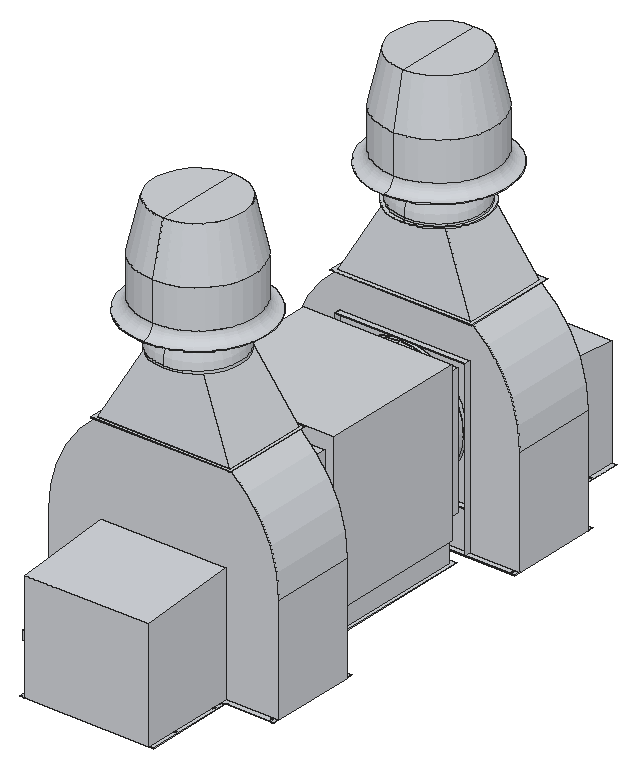
Revit family "CAVP_Opposed_with_Mixing_Box", category Mechanical Equipment, Revit 2019
Family settings
  Round Connector Dimension = Use Diameter
  Part Type = Normal
  Work Plane-Based = No
  Always vertical = Yes
  Cut with Voids When Loaded = No
  Shared = No
  Room Calculation Point = No
Parameters (values of type "490_CAVP-27L_CLASS_2_Dual_Opposed_Mixing_Box")
  Unit Weight [instance] = ""
  TRANSITION/2 = TRANSITION / 2  # 13.54551"
  TRANSITION = sqrt((NOZZLE_BOTTOM_ID * NOZZLE_BOTTOM_ID) / 2)  # 27.09103"
  Sones [instance] = ""
  RO/2 = (MB_P - 4 1/2") / 2  # 30 3/4"
  R-((B/2)+1.5") = R - ((B / 2) + 1 1/2")  # 19"
  R+((B/2)+1.5") = R + ((B / 2) + 1 1/2")  # 77"
  R*1.1 = R * 1.1  # 52.8"
  R = 48"
  Q/2 = Q / 2  # 1/2"
  Q = 1"  # constant formula
  OPP = D + D + MB_N + MB_N + MB_P - 2 1/8"  # 258 7/8"
  ModelID [instance] = ""
  MB_P-4.5" = MB_P - 4 1/2"  # 61 1/2"
  MB_P+.25" = MB_P + 1/4"  # 66 1/4"
  P = 21 7/8"
  NOZZLE_WB_RAD-2" = NOZZLE_WB_RAD - 2"  # 28 1/2"
  NOZZLE_WB_RAD = NOZZLE_WB_OD / 2  # 30 1/2"
  NOZZLE_WB_OD = if(NOZZLE_SIZE = 9", 23", if(NOZZLE_SIZE = 12", 28", if(NOZZLE_SIZE = 15", 36", if(NOZZLE_SIZE = 18", 43", if(NOZZLE_SIZE = 21", 49", if(NOZZLE_SIZE = 24", 61", if(NOZZLE_SIZE = 27", 61", if(NOZZLE_SIZE = 30", 74", if(NOZZLE_SIZE = 36", 90", if(NOZZLE_SIZE = 49", 101", 1"))))))))))  # 61"
  NOZZLE_WB/4 = NOZZLE_WB_OD / 5  # 12.2"
  NOZZLE_TOP_RAD = NOZZLE_TOP_OD / 2  # 19 27/32"
  NOZZLE_TOP_OD = if(NOZZLE_SIZE = 9", 13 1/2", if(NOZZLE_SIZE = 12", 19 1/2", if(NOZZLE_SIZE = 15", 23", if(NOZZLE_SIZE = 18", 27 1/2", if(NOZZLE_SIZE = 21", 30 3/4", if(NOZZLE_SIZE = 24", 36 1/2", if(NOZZLE_SIZE = 27", 39 11/16", if(NOZZLE_SIZE = 30", 45 1/2", if(NOZZLE_SIZE = 36", 58", if(NOZZLE_SIZE = 49", 76", 1"))))))))))  # 39 11/16"
  NOZZLE_SIZE = 27"
  NOZZLE_HEIGHT/7*2 = NOZZLE_HEIGHT / 8 * 2  # 15 5/32"
  NOZZLE_HEIGHT = if(NOZZLE_SIZE = 9", 28", if(NOZZLE_SIZE = 12", 32", if(NOZZLE_SIZE = 15", 43", if(NOZZLE_SIZE = 18", 48", if(NOZZLE_SIZE = 21", 52 3/4", if(NOZZLE_SIZE = 24", 62", if(NOZZLE_SIZE = 30", 78", if(NOZZLE_SIZE = 27", 60 5/8", if(NOZZLE_SIZE = 36", 95", if(NOZZLE_SIZE = 49", 110", 1"))))))))))  # 60 5/8"
  NOZZLE_BOTTOM_RAD-3*2 = NOZZLE_BOTTOM_RAD - 3" * 2  # 13 5/32"
  NOZZLE_BOTTOM_RAD = NOZZLE_BOTTOM_ID / 2  # 19 5/32"
  NOZZLE_BOTTOM_ID = if(NOZZLE_SIZE = 9", 12 13/16", if(NOZZLE_SIZE = 12", 17 1/16", if(NOZZLE_SIZE = 15", 21 3/8", if(NOZZLE_SIZE = 18", 25 5/8", if(NOZZLE_SIZE = 21", 28 3/4", if(NOZZLE_SIZE = 24", 34 3/4", if(NOZZLE_SIZE = 27", 38 5/16", if(NOZZLE_SIZE = 30", 42 1/2", if(NOZZLE_SIZE = 36", 51 3/4", if(NOZZLE_SIZE = 49", 69 3/8", 1"))))))))))  # 38 5/16"
  MB_N-(D-J-K-L) = MB_N - (D - J - K - L)  # 12 3/16"
  N+(H/2) = N + (H / 2)  # 49 15/32"
  N = 20 5/8"
  Motor RPM [instance] = ""
  Motor Enclosure [instance] = ""
  MB_Q = MB_P  # 66"
  MB_P = 66"
  MB_N = 13 9/16"
  MB_HEIGHT/2 = MB_HEIGHT / 2  # 35 3/8"
  MB_HEIGHT = 70 3/4"
  MB_F = 15 3/4"
  MB_A-D-MB_N-(D-J-K-L) = MB_A - D - MB_N - (D - J - K - L)  # 97"
  MB_A = 195 7/8"
  M-(2*(D-L-K-J)) = M - (2 * (D - L - K - J))  # 38 3/16"
  M = 40 15/16"
  LwA [instance] = ""
  L = 43 3/16"
  K = 25 7/8"
  J+K+L = J + K + L  # 82 9/16"
  J = 13 1/2"
  HEIGHT = R + (E * 0.4367)  # 92.95281"
  H/2 = H / 2  # 28 27/32"
  H = 57 11/16"
  Fan RPM [instance] = ""
  F/2 = F / 2  # 29 27/32"
  F-H = F - H  # 2"
  MB_F-3" = MB_F - 3"  # 12 3/4"
  F = 59 11/16"
  E/52*15 = E / 52 * 15  # 29.69351"
  E/2 = E / 2  # 51 15/32"
  E = 102 15/16"
  D-M = D - M  # 43"
  D-L-K-J = D - L - J - K  # 1 3/8"
  D = 83 15/16"
  CURB_HEIGHT [instance] = 12"
  CURB [instance] = yes
  CLASS = 2"
  C/2 = C / 2  # 61 17/32"
  C = 123 1/16"
  Bypass Damper Actuator = ""
  B/4 = B / 4  # 13 3/4"
  B/2 = B / 2  # 27 1/2"
  B = 55"
  Accessories [instance] = ""
  A/2 = A / 2  # 108 29/32"
  A = 217 13/16"
  85 = 85.00°  # constant formula
  8.1875 = 8 3/16"  # constant formula
  60 = 60.00°  # constant formula
  3" = 3"  # constant formula
  Brake Hp [instance] = ""
  4" = 4"  # constant formula
  2' = 24"
  2" = 2"  # constant formula
  135 = 135.00°  # constant formula
  10.1875 = 10 3/16"  # constant formula
  1" = 1"  # constant formula
  0 = 0"  # constant formula
  Voltage [instance] = 0 V
  URL = "www.lorencook.com"
  Type Comments = if(CLASS = 1", "Dual Vari-Plume Laboratory Exhaust Centrifugal Airfoil Class 1 Arr 10 With Opposed Mixing Box", "Dual Vari-Plume Laboratory Exhaust Centrifugal Airfoil Class 2 Arr 10 With Opposed Mixing Box")  # "Dual Vari-Plume Laboratory Exhaust Centrifugal Airfoil Class 2 Arr 10 With Opposed Mixing Box"
  Static Pressure [instance] = 0.00 in-wg
  Power [instance] = Voltage * Motor FLA * sqrt(if(Phase = 3, 3, 1))  # 0 VA
  Phase [instance] = 0
  Number of Poles [instance] = 1
  Motor Hp [instance] = "0"
  Motor FLA [instance] = 0 A
  Model = "Dual_CAVP_with_Opposes_Mixing_Box"  # constant formula
  Manufacturer = "Loren Cook Company"
  CFM [instance] = 0 CFM
  1.5 = 1 1/2"  # constant formula
  ONE EIGTH = 1/8"  # constant formula
  -MB_P-.25" = -MB_P - 1/4"  # -66 1/4"
  -(F-((F-H)/2))/2 = -(F / 2) + 2"  # -27 27/32"
  -((MB_Q / 2) + 1/8") = -((MB_Q / 2) + 1/8")  # -33 1/8"
  (NOZZLE_WB_OD - NOZZLE_TOP_OD) / 4 = (NOZZLE_WB_OD - NOZZLE_TOP_OD) / 4  # 5 21/64"
  (NOZZLE_HEIGHT - (NOZZLE_HEIGHT / 8 * 2)) / 2 = (NOZZLE_HEIGHT - (NOZZLE_HEIGHT / 8 * 2)) / 2  # 22 47/64"
  (MB_Q/2)+.125" = (MB_Q / 2) + 1/8"  # 33 1/8"
  (MB_P/2)+.125" = (MB_P / 2) + 1/8"  # 33 1/8"
  (M - (2 * (D - L - K - J)))/2 = (M - (2 * (D - L - K - J))) / 2  # 19 3/32"
  (F-((F-H)/2))/2 = (F / 2) - 2"  # 27 27/32"
  (D-J-K-L)*2 = (D - J - K - L) * 2  # 2 3/4"
  (B/2)-.125" = (B / 2) - 1/8"  # 27 3/8"
  (B/2)+1.5" = (B / 2) + 1 1/2"  # 29"
  ((M - (2 * (D - L - K - J))) / 2) + (TRANSITION / 2) = ((M - (2 * (D - L - K - J))) / 2) + (TRANSITION / 2)  # 32.63926"
Reference planes (in)
  plane 1 "Center (Front/Back)": y = 0
  plane 2: z = 0
  plane 3 "Center (Left/Right)": x = 0.40541
Forms (in)
  Extrusion 1, solid
    sketch origin (0, 0, 0) x (1, 0, 0) y (0, 0, 1)
      loop
        line (-51.06334, 0) -> (51.87416, 0) -> (51.87416, 48)
        arc (51.87416, 48) -> (46.14375, 72.97457) -> (30.09892, 92.95281) r 57.28791
        line (30.09892, 92.95281) -> (-29.2881, 92.95281)
        arc (-29.2881, 92.95281) -> (-45.33293, 72.97457) -> (-51.06334, 48) r 57.28791
        line (-51.06334, 48) -> (-51.06334, 0)
    from 0 to 38.1875 <- "M-(2*(D-L-K-J))"
  Extrusion 2, solid
    sketch origin (0.40541, 0, 0) x (0, 1, 0) y (0, 0, 1)
      loop
        line (0, 0) -> (43, 0) -> (43, 49.03799) -> (0, 52.8) -> (0, 0)
      loop
        line (-172.875, 0) -> (-172.875, 52.8) -> (-215.875, 49.03799) -> (-215.875, 0) -> (-172.875, 0)
    from -27.84375 <- "-(F-((F-H)/2))/2" to 27.84375 <- "(F-((F-H)/2))/2"
  Extrusion 3, solid
    sketch origin (0, 0, 0) x (1, 0, 0) y (0, 1, 0)
      loop
        line (-51.06334, 0) -> (-27.43834, 0) -> (-27.43834, 43) -> (-29.43834, 43) -> (-29.43834, 2.75) -> (-51.06334, 2.75) -> (-51.06334, 0)
      loop
        line (-51.06334, -38.1875) -> (-51.06334, -40.9375) -> (51.87416, -40.9375) -> (51.87416, -38.1875) -> (-51.06334, -38.1875)
      loop
        line (51.87416, 0) -> (51.87416, 2.75) -> (30.24916, 2.75) -> (30.24916, 43) -> (28.24916, 43) -> (28.24916, 0) -> (51.87416, 0)
    from 0 to 0.125
  Blend 4, solid
    base sketch origin (0, 0, 0) x (1, 0, 0) y (0, 1, 0)
      loop
        line (-29.2881, 0) -> (-29.2881, -38.1875) -> (30.09892, -38.1875) -> (30.09892, 0) -> (-29.2881, 0)
    top sketch origin (0, 0, 0) x (1, 0, 0) y (0, 1, 0)
      loop
        line (-13.1401, -5.54824) -> (-13.1401, -32.63926) -> (13.95093, -32.63926) -> (13.95093, -5.54824) -> (-13.1401, -5.54824)
    from 92.95281 <- "HEIGHT" to 123.0625 <- "C"
  Revolve 5, void
    sketch origin (0.40541, 0, 0) x (0, 1, 0) y (0, 0, 1)
      loop
        line (-38.1875, 75.5) -> (-38.1875, 48) -> (-24.4375, 48) -> (-24.4375, 67.56143) -> (-38.1875, 75.5)
      axis (-38.1875, 48) -> (-24.4375, 48)
    angle from 0 to 360
  Revolve 6, solid
    sketch origin (0.40541, 0, 0) x (0, 1, 0) y (0, 0, 1)
      loop
        line (-19.09375, 123.0625) -> (1.5625, 123.0625) -> (1.5625, 123.1875) -> (0.0625, 123.1875) -> (0.0625, 124.0625)
        arc (0.0625, 124.0625) -> (-1.77051, 131.94902) -> (-6.89375, 138.21875) r 17.8824
        line (-6.89375, 138.21875) -> (11.40625, 138.21875) -> (0.75, 183.6875) -> (-19.09375, 183.6875) -> (-19.09375, 123.0625)
      axis (-19.09375, 183.6875) -> (-19.09375, 123.0625)
    angle from 0 to 360
  Revolve 7, void
    sketch origin (0.40541, 0, 0) x (0, 1, 0) y (0, 0, 1)
      loop
        line (16.73437, 160.95313) -> (6.07812, 160.95313) -> (6.07812, 143.67188)
        arc (6.07812, 143.67188) -> (11.40625, 138.34375) -> (16.73437, 143.67188) r 5.32813
        line (16.73437, 143.67188) -> (16.73437, 160.95313)
      axis (-19.09375, 143.67188) -> (-19.09375, 160.95313)
    angle from 0 to 360
  Extrusion 8, solid
    sketch origin (-27.43834, 0, 0) x (0, -1, 0) y (0, 0, 1)
      loop
        line (-39, 20) -> (-35, 20) -> (-35, 24) -> (-39, 24) -> (-39, 20)
      loop
        line (207.875, 24) -> (207.875, 20) -> (211.875, 20) -> (211.875, 24) -> (207.875, 24)
    from 0 to 4
  Extrusion 9, solid
    sketch origin (30.09892, 0, 92.95281) x (-1, 0, 0) y (0, -1, 0)
      loop
        line (59.38702, 0) -> (59.38702, 38.1875) -> (0, 38.1875) -> (0, 0) -> (59.38702, 0)
      loop
        line (61.38702, -2) -> (61.38702, 40.1875) -> (-2, 40.1875) -> (-2, -2) -> (61.38702, -2)
    from 0 to 0.125
  Extrusion 10, solid
    sketch origin (0, -38.1875, 0) x (1, 0, 0) y (0, 0, 1)
      loop
        circle (0.40541, 48) r 27.5
      loop
        circle (0.40541, 48) r 27.375
    from 0 to 2
  Extrusion 11, solid
    sketch origin (0, -38.1875, 0) x (1, 0, 0) y (0, 0, 1)
      loop
        line (-28.59459, 77) -> (-28.59459, 19) -> (29.40541, 19) -> (29.40541, 77) -> (-28.59459, 77)
      loop
        line (-28.71959, 0.125) -> (-28.59459, 0.125) -> (-28.59459, 18.875) -> (29.40541, 18.875) -> (29.40541, 0.125) -> (29.53041, 0.125) -> (29.53041, 77.125) -> (-28.71959, 77.125) -> (-28.71959, 0.125)
    from 0 to 2.75 <- "(D-J-K-L)*2"
  Extrusion 12, void
    sketch origin (0, 0, 0) x (1, 0, 0) y (0, 1, 0)
      loop
        circle (-28.43834, -39.5625) r 0.5
      loop
        circle (-49.06334, -39.5625) r 0.5
      loop
        circle (-49.06334, 1.375) r 0.5
      loop
        circle (-28.43834, 29.5) r 0.5
      loop
        circle (-28.43834, 7.625) r 0.5
      loop
        circle (-28.43834, 3.625) r 0.5
      loop
        circle (29.24916, -39.5625) r 0.5
      loop
        circle (49.87416, -39.5625) r 0.5
      loop
        circle (49.87416, 1.375) r 0.5
      loop
        circle (29.24916, 29.5) r 0.5
      loop
        circle (29.24916, 7.625) r 0.5
      loop
        circle (29.24916, 3.625) r 0.5
    from 0 to 2
  Extrusion 13, solid
    sketch origin (0.40541, 0, 0) x (0, 1, 0) y (0, 0, 1)
      loop
        line (-119.375, 83.5) -> (-119.375, 12.75) -> (-53.125, 12.75) -> (-53.125, 83.5) -> (-119.375, 83.5)
    from 33.125 <- "(MB_Q/2)+.125"" to -33.125 <- "-((MB_Q / 2) + 1/8")"
  Extrusion 14, void
    sketch origin (0, 0, 0) x (1, 0, 0) y (0, 1, 0)
      loop
        line (-32.59459, -53.25) -> (-32.59459, -119.25) -> (33.40541, -119.25) -> (33.40541, -53.25) -> (-32.59459, -53.25)
    from 15.75 <- "MB_F" to 12.75 <- "MB_F-3""
  Extrusion 15, solid
    sketch origin (0.40541, -53.125, 83.5) x (0, 0, -1) y (-1, 0, 0)
      loop
        line (6.375, 29.125) -> (6.375, -29.125) -> (64.5, -29.125) -> (64.5, 29.125) -> (6.375, 29.125)
    from 0 to 8.1875 <- "8.1875"
  Revolve 16, solid
    sketch origin (0.40541, 0, 0) x (0, 1, 0) y (0, 0, 1)
      loop
        line (-40.1875, 75.5) -> (-44.9375, 75.5) -> (-44.9375, 48) -> (-40.1875, 48) -> (-40.1875, 75.5)
      axis (-40.1875, 48) -> (-44.9375, 48)
    angle from 0 to 360
  Extrusion 17, solid
    sketch origin (0.40541, -172.875, 52.8) x (0, 0, -1) y (-1, 0, 0)
      loop
        line (4.8, -51.46875) -> (52.8, -51.46875) -> (52.8, 51.46875) -> (4.8, 51.46875)
        arc (4.8, 51.46875) -> (-20.17457, 45.73834) -> (-40.15281, 29.69351) r 57.28791
        line (-40.15281, 29.69351) -> (-40.15281, -29.69351)
        arc (-40.15281, -29.69351) -> (-20.17457, -45.73834) -> (4.8, -51.46875) r 57.28791
    from 0 to 38.1875 <- "M-(2*(D-L-K-J))"
  Blend 18, solid
    base sketch origin (0, 0, 0) x (1, 0, 0) y (0, 1, 0)
      loop
        line (-29.2881, -134.6875) -> (-29.2881, -172.875) -> (30.09892, -172.875) -> (30.09892, -134.6875) -> (-29.2881, -134.6875)
    top sketch origin (0, 0, 0) x (1, 0, 0) y (0, 1, 0)
      loop
        line (-13.1401, -140.23574) -> (-13.1401, -167.32676) -> (13.95093, -167.32676) -> (13.95093, -140.23574) -> (-13.1401, -140.23574)
    from 92.95281 <- "HEIGHT" to 123.0625 <- "C"
  Revolve 19, solid
    sketch origin (0.40541, 0, 0) x (0, 1, 0) y (0, 0, 1)
      loop
        line (-153.78125, 123.0625) -> (-153.78125, 183.6875) -> (-173.625, 183.6875) -> (-184.28125, 138.21875) -> (-165.98125, 138.21875)
        arc (-165.98125, 138.21875) -> (-171.10449, 131.94902) -> (-172.9375, 124.0625) r 17.8824
        line (-172.9375, 124.0625) -> (-172.9375, 123.0625) -> (-153.78125, 123.0625)
      axis (-153.78125, 183.6875) -> (-153.78125, 123.0625)
    angle from 0 to 360
  Revolve 20, void
    sketch origin (0.40541, 0, 0) x (0, 1, 0) y (0, 0, 1)
      loop
        line (-178.95313, 160.95313) -> (-189.60938, 160.95313) -> (-189.60938, 143.67188)
        arc (-189.60938, 143.67188) -> (-184.28125, 138.34375) -> (-178.95313, 143.67188) r 5.32813
        line (-178.95313, 143.67188) -> (-178.95313, 160.95313)
      axis (-153.78125, 143.67187) -> (-153.78125, 160.95313)
    angle from 0 to 360
  Extrusion 21, solid
    sketch origin (-29.2881, -172.875, 92.95281) x (1, 0, 0) y (0, 1, 0)
      loop
        line (-1.5, 39.6875) -> (-1.5, -1.5) -> (60.88702, -1.5) -> (60.88702, 39.6875) -> (-1.5, 39.6875)
      loop
        line (59.38702, 0) -> (59.38702, 38.1875) -> (0, 38.1875) -> (0, 0) -> (59.38702, 0)
    from 0 to 0.125
  Extrusion 22, solid
    sketch origin (0, 0, 0) x (1, 0, 0) y (0, 1, 0)
      loop
        line (-51.06334, -134.6875) -> (51.87416, -134.6875) -> (51.87416, -131.9375) -> (-51.06334, -131.9375) -> (-51.06334, -134.6875)
      loop
        line (-51.06334, -172.875) -> (-51.06334, -175.625) -> (-29.43834, -175.625) -> (-29.43834, -215.875) -> (-27.43834, -215.875) -> (-27.43834, -172.875) -> (-51.06334, -172.875)
      loop
        line (51.87416, -172.875) -> (28.24916, -172.875) -> (28.24916, -215.875) -> (30.24916, -215.875) -> (30.24916, -175.625) -> (51.87416, -175.625) -> (51.87416, -172.875)
    from 0 to 0.125
  Extrusion 23, void
    sketch origin (0, 0, 0) x (1, 0, 0) y (0, 1, 0)
      loop
        circle (49.87416, -133.3125) r 0.5
      loop
        circle (29.24916, -133.3125) r 0.5
      loop
        circle (49.87416, -174.25) r 0.5
      loop
        circle (29.24916, -176.5) r 0.5
      loop
        circle (29.24916, -180.5) r 0.5
      loop
        circle (29.24916, -202.375) r 0.5
      loop
        circle (-49.06334, -174.25) r 0.5
      loop
        circle (-28.43834, -176.5) r 0.5
      loop
        circle (-28.43834, -180.5) r 0.5
      loop
        circle (-28.43834, -202.375) r 0.5
      loop
        circle (-49.06334, -133.3125) r 0.5
      loop
        circle (-28.43834, -133.3125) r 0.5
    from 0 to 0.125
  Extrusion 24, solid
    sketch origin (0.40541, -119.375, 12.75) x (0, 0, 1) y (-1, 0, 0)
      loop
        line (64.375, 29.125) -> (3, 29.125) -> (3, -29.125) -> (64.375, -29.125) -> (64.375, 29.125)
    from 0 to 8.1875 <- "8.1875"
  Revolve 25, solid
    sketch origin (0.40541, 0, 0) x (0, 1, 0) y (0, 0, 1)
      loop
        line (-127.5625, 75.5) -> (-134.6875, 75.5) -> (-134.6875, 48) -> (-127.5625, 48) -> (-127.5625, 75.5)
      axis (-134.6875, 48) -> (-127.5625, 48)
    angle from 0 to 360
  Extrusion 26, solid
    sketch origin (0.40541, -134.6875, 52.8) x (0, 0, -1) y (-1, 0, 0)
      loop
        line (-24.075, 29) -> (-24.075, -29) -> (33.8, -29) -> (33.8, 29) -> (-24.075, 29)
      loop
        line (-24.2, 29.125) -> (-24.2, -29.125) -> (52.675, -29.125) -> (52.675, -29) -> (33.925, -29) -> (33.925, 29) -> (52.675, 29) -> (52.675, 29.125) -> (-24.2, 29.125)
    from 0 to 2.75 <- "(D-J-K-L)*2"
  Extrusion 27, solid
    sketch origin (0.40541, -119.375, 12.75) x (0, 0, 1) y (-1, 0, 0)
      loop
        line (62.125, 37.125) -> (35.375, 63.875) -> (8.625, 37.125) -> (8.625, 33.125) -> (62.125, 33.125) -> (62.125, 37.125)
    from 0 to -66.25 <- "-MB_P-.25""
  Extrusion 28, solid, visible <- "CURB"
    sketch origin (0, 0, 15.75) x (0, 1, 0) y (1, 0, 0)
      loop
        line (-55.5, -30.34459) -> (-55.5, 31.15541) -> (-117, 31.15541) -> (-117, -30.34459) -> (-55.5, -30.34459)
      loop
        line (-118.5, 32.65541) -> (-118.5, -31.84459) -> (-54, -31.84459) -> (-54, 32.65541) -> (-118.5, 32.65541)
    from 0 to 12 <- "CURB_HEIGHT"
  Extrusion 29, solid, visible <- "CURB"
    sketch origin (0, 0, 3.75) x (-1, 0, 0) y (0, 1, 0)
      loop
        line (-32.65541, -54) -> (-32.65541, -118.5) -> (31.84459, -118.5) -> (31.84459, -54) -> (-32.65541, -54)
      loop
        line (33.84459, -120.5) -> (33.84459, -52) -> (-34.65541, -52) -> (-34.65541, -120.5) -> (33.84459, -120.5)
    from 0 to -0.125
Cuts and joins
  Revolve 5, Extrusion 12 cuts Extrusion 1
  Revolve 7 cuts Revolve 6
  Extrusion 12 cuts Extrusion 3
  Extrusion 14 cuts Extrusion 13
  Revolve 20 cuts Revolve 19
  Extrusion 23 cuts Extrusion 2
  Extrusion 23 cuts Extrusion 17
  Extrusion 23 cuts Extrusion 22
Dimensions and locks (in)
  "0": Extrusion 1 sketch curve to level
  "E/2": plane 3 "Center (Left/Right)" to Extrusion 1 sketch curve
  "E/2": Extrusion 1 sketch curve to plane 3 "Center (Left/Right)"
  "HEIGHT": Extrusion 1 sketch curve to level
  "E/52*15": plane 3 "Center (Left/Right)" to Extrusion 1 sketch curve
  "E/52*15": Extrusion 1 sketch curve to plane 3 "Center (Left/Right)"
  "R": Extrusion 1 sketch curve to level  (x2)
  "R*1.1": Extrusion 2 sketch curve to level  (x2)
  "0": Extrusion 2 sketch curve to level  (x2)
  "D-M": Extrusion 2 sketch curve to Extrusion 1
  "0": Extrusion 2 sketch curve to Extrusion 1
  "0": Extrusion 3 sketch curve to Extrusion 2  (x4)
  "0": Extrusion 3 sketch curve to Extrusion 1  (x6)
  "0": Extrusion 1 to Extrusion 3 sketch curve
  "D": Extrusion 2 to Extrusion 3 sketch curve
  "F/2": plane 3 "Center (Left/Right)" to Extrusion 3 sketch curve
  "F/2": Extrusion 3 sketch curve to plane 3 "Center (Left/Right)"
  "(D-J-K-L)*2": Extrusion 3 sketch curve to Extrusion 1  (x2)
  "0": Extrusion 1 to Blend 4 sketch curve
  "0": Blend 4 sketch curve to Extrusion 1  (x3)
  "R": level to Revolve 5 sketch curve
  "R": Revolve 5 sketch curve to level
  "B/2": Revolve 5 sketch curve to Revolve 5 sketch curve
  "B/4": Extrusion 1 to Revolve 5 sketch curve
  "0": Revolve 5 sketch curve to Extrusion 1
  "(M - (2 * (D - L - K - J)))/2": Revolve 6 sketch curve to cut or joined group of Extrusion 1, Revolve 5, Extrusion 12  (x2)
  "NOZZLE_BOTTOM_RAD": Revolve 6 sketch curve to Revolve 6 sketch curve
  "NOZZLE_WB_RAD": Revolve 6 sketch curve to Revolve 6 sketch curve
  "NOZZLE_TOP_RAD": Revolve 6 sketch curve to Revolve 6 sketch curve
  "NOZZLE_HEIGHT": Revolve 6 sketch curve to Blend 4
  "NOZZLE_HEIGHT/7*2": Revolve 6 sketch curve to Blend 4
  "ONE EIGTH": Revolve 6 sketch curve to Revolve 6 sketch curve
  "1.5": Revolve 6 sketch curve to Revolve 6 sketch curve
  "0": Revolve 6 sketch curve to Blend 4
  "1"": Revolve 6 sketch curve to Blend 4
  "NOZZLE_WB/4": Revolve 6 sketch curve to Revolve 6 sketch curve
  "ONE EIGTH": Revolve 7 sketch curve to Revolve 6
  "(NOZZLE_WB_OD - NOZZLE_TOP_OD) / 4": Revolve 6 to Revolve 7 sketch curve
  "(NOZZLE_WB_OD - NOZZLE_TOP_OD) / 4": Revolve 7 sketch curve to Revolve 6
  "(NOZZLE_HEIGHT - (NOZZLE_HEIGHT / 8 * 2)) / 2": Revolve 7 sketch curve to Revolve 6
  "(M - (2 * (D - L - K - J)))/2": Revolve 7 sketch curve to cut or joined group of Extrusion 1, Revolve 5, Extrusion 12
  "4"": Extrusion 8 sketch curve to Extrusion 8 sketch curve  (x4)
  "4"": Extrusion 2 to Extrusion 8 sketch curve
  "2'": Extrusion 8 sketch curve to level
  "0": cut or joined group of Extrusion 1, Revolve 5, Extrusion 12 to Extrusion 9 sketch curve  (x2)
  "0": Extrusion 9 sketch curve to cut or joined group of Extrusion 1, Revolve 5, Extrusion 12  (x2)
  "2"": cut or joined group of Extrusion 1, Revolve 5, Extrusion 12 to Extrusion 9 sketch curve  (x2)
  "2"": Extrusion 9 sketch curve to cut or joined group of Extrusion 1, Revolve 5, Extrusion 12  (x2)
  "0": Extrusion 10 sketch curve to plane 3 "Center (Left/Right)"  (x2)
  "R": Extrusion 10 sketch curve to level  (x2)
  "(B/2)+1.5"": plane 3 "Center (Left/Right)" to Extrusion 11 sketch curve  (x3)
  "(B/2)+1.5"": Extrusion 11 sketch curve to plane 3 "Center (Left/Right)"
  "R+((B/2)+1.5")": Extrusion 11 sketch curve to level
  "R-((B/2)+1.5")": Extrusion 11 sketch curve to level
  "0": Extrusion 11 sketch curve to Extrusion 3
  "ONE EIGTH": Extrusion 11 sketch curve to Extrusion 11 sketch curve  (x4)
  "0": Extrusion 3 to Extrusion 11 sketch curve
  "J": Extrusion 2 to Extrusion 12 sketch curve  (x2)
  "H/2": Extrusion 12 sketch curve to plane 3 "Center (Left/Right)"  (x8)
  "P": Extrusion 12 sketch curve to Extrusion 12 sketch curve  (x2)
  "K": Extrusion 12 sketch curve to Extrusion 12 sketch curve  (x2)
  "L": Extrusion 12 sketch curve to Extrusion 12 sketch curve  (x2)
  "N+(H/2)": Extrusion 12 sketch curve to plane 3 "Center (Left/Right)"  (x4)
  "M": Extrusion 12 sketch curve to Extrusion 12 sketch curve  (x2)
  "J+K+L": Extrusion 2 to Extrusion 12 sketch curve  (x2)
  "MB_N-(D-J-K-L)": Extrusion 13 sketch curve to Extrusion 11
  "MB_P+.25"": Extrusion 13 sketch curve to Extrusion 13 sketch curve
  "MB_F-3"": Extrusion 13 sketch curve to level
  "MB_HEIGHT": Extrusion 13 sketch curve to Extrusion 13 sketch curve
  "ONE EIGTH": Extrusion 13 to Extrusion 14 sketch curve
  "ONE EIGTH": Extrusion 14 sketch curve to Extrusion 13  (x3)
  "0": Extrusion 15 sketch curve to Extrusion 11  (x4)
  "0": Revolve 16 sketch curve to Revolve 16 sketch curve
  "0": Revolve 16 sketch curve to Extrusion 15
  "0": Revolve 16 sketch curve to Extrusion 10
  "B/2": Revolve 16 sketch curve to Revolve 16 sketch curve
  "R": Revolve 16 sketch curve to level
  "OPP": Extrusion 2 sketch curve to Extrusion 2 sketch curve
  "D-M": Extrusion 2 sketch curve to Extrusion 2 sketch curve
  "0": cut or joined group of Extrusion 1, Revolve 5, Extrusion 12 to Extrusion 17 sketch curve  (x2)
  "0": level to Extrusion 17 sketch curve
  "R": level to Extrusion 17 sketch curve  (x2)
  "0": Extrusion 17 sketch curve to Extrusion 9
  "E/52*15": plane 3 "Center (Left/Right)" to Extrusion 17 sketch curve
  "E/52*15": Extrusion 17 sketch curve to plane 3 "Center (Left/Right)"
  "0": Extrusion 17 to Blend 18 sketch curve
  "0": Blend 18 sketch curve to Extrusion 17  (x3)
  "0": Revolve 19 sketch curve to cut or joined group of Revolve 6, Revolve 7  (x2)
  "0": Revolve 19 sketch curve to Blend 18
  "1"": Revolve 19 sketch curve to Blend 18
  "NOZZLE_WB_RAD": Revolve 19 sketch curve to Revolve 19 sketch curve
  "NOZZLE_TOP_RAD": Revolve 19 sketch curve to Revolve 19 sketch curve
  "NOZZLE_BOTTOM_RAD": Revolve 19 sketch curve to Revolve 19 sketch curve
  "(M - (2 * (D - L - K - J)))/2": Revolve 19 sketch curve to Extrusion 17  (x2)
  "NOZZLE_WB/4": Revolve 19 sketch curve to Revolve 19 sketch curve
  "(NOZZLE_WB_OD - NOZZLE_TOP_OD) / 4": Revolve 19 to Revolve 20 sketch curve
  "(NOZZLE_WB_OD - NOZZLE_TOP_OD) / 4": Revolve 20 sketch curve to Revolve 19
  "(NOZZLE_HEIGHT - (NOZZLE_HEIGHT / 8 * 2)) / 2": Revolve 19 to Revolve 20 sketch curve
  "ONE EIGTH": Revolve 19 to Revolve 20 sketch curve
  "(M - (2 * (D - L - K - J)))/2": Revolve 20 sketch curve to Extrusion 17
  "0": Extrusion 21 sketch curve to Extrusion 17  (x2)
  "0": Extrusion 17 to Extrusion 21 sketch curve  (x2)
  "1.5": Extrusion 17 to Extrusion 21 sketch curve
  "1.5": Extrusion 21 sketch curve to Extrusion 17  (x3)
  "D": Extrusion 2 to Extrusion 22 sketch curve
  "0": Extrusion 22 sketch curve to Extrusion 17  (x4)
  "0": Extrusion 17 to Extrusion 22 sketch curve  (x3)
  "0": Extrusion 22 sketch curve to Extrusion 2  (x3)
  "F/2": plane 3 "Center (Left/Right)" to Extrusion 22 sketch curve
  "F/2": Extrusion 22 sketch curve to plane 3 "Center (Left/Right)"
  "(D-J-K-L)*2": Extrusion 22 sketch curve to Extrusion 17  (x2)
  "0": Extrusion 2 to Extrusion 22 sketch curve
  "H/2": plane 3 "Center (Left/Right)" to Extrusion 23 sketch curve  (x4)
  "J": cut or joined group of Extrusion 2, Extrusion 23 to Extrusion 23 sketch curve  (x2)
  "P": Extrusion 23 sketch curve to Extrusion 23 sketch curve  (x2)
  "K": Extrusion 23 sketch curve to Extrusion 23 sketch curve  (x2)
  "N+(H/2)": plane 3 "Center (Left/Right)" to Extrusion 23 sketch curve  (x2)
  "J+K+L": cut or joined group of Extrusion 2, Extrusion 23 to Extrusion 23 sketch curve  (x4)
  "M": Extrusion 23 sketch curve to Extrusion 23 sketch curve  (x2)
  "H/2": Extrusion 23 sketch curve to plane 3 "Center (Left/Right)"  (x4)
  "N+(H/2)": Extrusion 23 sketch curve to plane 3 "Center (Left/Right)"  (x2)
  "4"": Extrusion 8 sketch curve to cut or joined group of Extrusion 2, Extrusion 23
  "2'": cut or joined group of Extrusion 17, Extrusion 23 to Extrusion 8 sketch curve
  "0": Extrusion 15 to Extrusion 24 sketch curve  (x2)
  "0": Extrusion 24 sketch curve to Extrusion 15
  "0": Extrusion 24 sketch curve to cut or joined group of Extrusion 13, Extrusion 14
  "R": Revolve 25 sketch curve to level  (x2)
  "0": Revolve 25 sketch curve to cut or joined group of Extrusion 17, Extrusion 23
  "0": Revolve 25 sketch curve to Extrusion 24
  "B/2": Revolve 25 sketch curve to Revolve 25 sketch curve
  "(B/2)+1.5"": plane 3 "Center (Left/Right)" to Extrusion 26 sketch curve
  "(B/2)+1.5"": Extrusion 26 sketch curve to plane 3 "Center (Left/Right)"
  "R-((B/2)+1.5")": Extrusion 26 sketch curve to cut or joined group of Extrusion 22, Extrusion 23
  "R+((B/2)+1.5")": Extrusion 26 sketch curve to cut or joined group of Extrusion 2, Extrusion 23
  "0": Extrusion 26 sketch curve to Extrusion 26 sketch curve  (x2)
  "ONE EIGTH": Extrusion 26 sketch curve to cut or joined group of Extrusion 2, Extrusion 23  (x2)
  "ONE EIGTH": Extrusion 26 sketch curve to Extrusion 26 sketch curve  (x4)
  "4"": Extrusion 27 sketch curve to cut or joined group of Extrusion 13, Extrusion 14  (x2)
  "0": Extrusion 27 sketch curve to cut or joined group of Extrusion 13, Extrusion 14
  "MB_A-D-MB_N-(D-J-K-L)": cut or joined group of Extrusion 13, Extrusion 14 to Extrusion 27 sketch curve
  "MB_HEIGHT/2": Extrusion 27 sketch curve to cut or joined group of Extrusion 13, Extrusion 14
  "1.5": Extrusion 28 sketch curve to Extrusion 28 sketch curve  (x4)
  "RO/2": connector elem to Extrusion 28 sketch curve  (x2)
  "RO/2": plane 3 "Center (Left/Right)" to Extrusion 28 sketch curve
  "RO/2": Extrusion 28 sketch curve to plane 3 "Center (Left/Right)"
  "2"": Extrusion 29 sketch curve to Extrusion 29 sketch curve  (x4)
  "0": Extrusion 28 to Extrusion 29 sketch curve
  "0": Extrusion 29 sketch curve to Extrusion 28  (x3)
  "TRANSITION": Blend 18 sketch curve to Blend 18 sketch curve  (x2)
  "TRANSITION/2": plane 3 "Center (Left/Right)" to Blend 18 sketch curve
  "((M - (2 * (D - L - K - J))) / 2) + (TRANSITION / 2)": cut or joined group of Extrusion 17, Extrusion 23 to Blend 18 sketch curve
  "TRANSITION": Blend 4 sketch curve to Blend 4 sketch curve  (x2)
  "TRANSITION/2": plane 3 "Center (Left/Right)" to Blend 4 sketch curve
  "((M - (2 * (D - L - K - J))) / 2) + (TRANSITION / 2)": cut or joined group of Extrusion 1, Revolve 5, Extrusion 12 to Blend 4 sketch curve
  "B/2": radius of Extrusion 10 sketch curve
  "(B/2)-.125"": radius of Extrusion 10 sketch curve
  "Q/2": radius of Extrusion 12 sketch curve  (x12)
  "Q/2": radius of Extrusion 23 sketch curve  (x12)
  "85": angle Extrusion 2 sketch curve to Extrusion 1
  "60": angle Extrusion 1 to Revolve 5 sketch curve
  "85": angle Extrusion 2 sketch curve to Extrusion 2 sketch curve
  "135": angle Extrusion 27 sketch curve to Extrusion 27 sketch curve  (x2)
Automatic sketch dimensions
  Revolve 5 sketch curve to Revolve 5 sketch curve = 0"
  plane 1 "Center (Front/Back)" to Revolve 5 sketch curve = 13.92544"
  Revolve 6 sketch curve to Revolve 6 sketch curve = 60"
  Revolve 6 sketch curve to Revolve 6 sketch curve = 18"
  Revolve 7 sketch curve to Revolve 7 sketch curve = 24.49886"
  Revolve 7 sketch curve to Revolve 7 sketch curve = 12"
  Revolve 16 sketch curve to Revolve 16 sketch curve = 16.21791"
  Revolve 16 sketch curve to Revolve 16 sketch curve = 16"
  Revolve 19 sketch curve to Revolve 19 sketch curve = 61"
  Revolve 19 sketch curve to Revolve 19 sketch curve = 13"
  Revolve 20 sketch curve to Revolve 20 sketch curve = 30.90683"
  Revolve 20 sketch curve to Revolve 20 sketch curve = 19"
  Revolve 25 sketch curve to Revolve 25 sketch curve = 0"
  Revolve 25 sketch curve to Revolve 25 sketch curve = 23"
Connectors (in)
  electrical at (-29.43834, 37, 20)
    settings: on Extrusion 8, index 1, voltage 0 V, apparent load 0 VA, apparent load phase1 0 VA, apparent load phase2 0 VA, apparent load phase3 0 VA, power factor 1, load classification "Other", number of poles 1, system type 30, power factor state 1, is connector primary yes, connector utility no, sub classification motor no, connector description ""
  hvac at (0.40541, -86.25, 15.75), driven by "MB_P-4.5"", driven by "MB_P-4.5"", driven by "CFM"
    settings: on cut or joined group of Extrusion 13, Extrusion 14, index 2, duct flow 0 CFM, flow factor 0, pres drop 0.00 in-wg, loss coef 0, conn angle 0.00°, conn width 61 1/2", conn height 61 1/2", conn diameter 24", duct sys type 3, conn prof type 1, flow config 0, flow direction 1, loss method 0, conn ref index -1, conn util no, is conn primary yes, conn desc ""
  electrical at (-29.43834, -209.875, 20)
    settings: on Extrusion 8, index 3, voltage 0 V, apparent load 0 VA, apparent load phase1 0 VA, apparent load phase2 0 VA, apparent load phase3 0 VA, power factor 1, load classification "Other", number of poles 1, system type 30, power factor state 1, is connector primary no, connector utility no, sub classification motor no, connector description ""
  electrical at (-34.71959, -86.25, 21.375), driven by "Bypass Damper Actuator"
    settings: on Extrusion 27, index 4, voltage 0 V, apparent load 0 VA, apparent load phase1 0 VA, apparent load phase2 0 VA, apparent load phase3 0 VA, power factor 1, load classification "Other", number of poles 1, system type 13, power factor state 1, is connector primary no, connector utility no, sub classification motor no, connector description ""
Types (228): name | TRANSITION/2 | TRANSITION | RO/2 | R-((B/2)+1.5") | R+((B/2)+1.5") | R*1.1 | R | OPP | MB_P-4.5" | MB_P+.25" | P | NOZZLE_WB_RAD-2" | NOZZLE_WB_RAD | NOZZLE_WB_OD | NOZZLE_WB/4 | NOZZLE_TOP_RAD | NOZZLE_TOP_OD | NOZZLE_SIZE | NOZZLE_HEIGHT/7*2 | NOZZLE_HEIGHT | NOZZLE_BOTTOM_RAD-3*2 | NOZZLE_BOTTOM_RAD | NOZZLE_BOTTOM_ID | MB_N-(D-J-K-L) | N+(H/2) | N | MB_Q | MB_P | MB_N | MB_HEIGHT/2 | MB_HEIGHT | MB_F | MB_A-D-MB_N-(D-J-K-L) | MB_A | M-(2*(D-L-K-J)) | M | L | K | J+K+L | J | HEIGHT | H/2 | H | F/2 | MB_F-3" | F | E/52*15 | E/2 | E | D-M | D-L-K-J | D | CURB_HEIGHT | CLASS | C/2 | C | B/4 | B/2 | B | A/2 | A | Type Comments | -MB_P-.25" | -(F-((F-H)/2))/2 | -((MB_Q / 2) + 1/8") | (NOZZLE_WB_OD - NOZZLE_TOP_OD) / 4 | (NOZZLE_HEIGHT - (NOZZLE_HEIGHT / 8 * 2)) / 2 | (MB_Q/2)+.125" | (MB_P/2)+.125" | (M - (2 * (D - L - K - J)))/2 | (F-((F-H)/2))/2 | (D-J-K-L)*2 | (B/2)-.125" | (B/2)+1.5" | ((M - (2 * (D - L - K - J))) / 2) + (TRANSITION / 2)
  (no name) | 13.54551" | 27.09103" | 30 3/4" | 19" | 77" | 52.8" | 48" | 258 7/8" | 61 1/2" | 66 1/4" | 21 7/8" | 28 1/2" | 30 1/2" | 61" | 12.2" | 19 27/32" | 39 11/16" | 27" | 15 5/32" | 60 5/8" | 13 5/32" | 19 5/32" | 38 5/16" | 12 3/16" | 49 15/32" | 20 5/8" | 66" | 66" | 13 9/16" | 35 3/8" | 70 3/4" | 15 3/4" | 97" | 195 7/8" | 38 3/16" | 40 15/16" | 43 3/16" | 25 7/8" | 82 9/16" | 13 1/2" | 92.95281" | 28 27/32" | 57 11/16" | 29 27/32" | 12 3/4" | 59 11/16" | 29.69351" | 51 15/32" | 102 15/16" | 43" | 1 3/8" | 83 15/16" | 12" | 2" | 61 17/32" | 123 1/16" | 13 3/4" | 27 1/2" | 55" | 108 29/32" | 217 13/16" | "Dual Vari-Plume Laboratory Exhaust Centrifugal Airfoil Class 2 Arr 10 With Opposed Mixing Box" | -66 1/4" | -27 27/32" | -33 1/8" | 5 21/64" | 22 47/64" | 33 1/8" | 33 1/8" | 19 3/32" | 27 27/32" | 2 3/4" | 27 3/8" | 29" | 32.63926"
  120_CAVP-9L_CLASS_1_Dual_Opposed_Mixing_Box | 4.5299" | 9.05981" | 11 1/4" | 12 7/16" | 31 9/16" | 24.2" | 22" | 118 7/8" | 22 1/2" | 27 1/4" | 60" | 9 1/2" | 11 1/2" | 23" | 4.6" | 6 3/4" | 13 1/2" | 9" | 7" | 28" | 13/32" | 6 13/32" | 12 13/16" | 13 5/32" | 69 3/4" | 60" | 27" | 27" | 14 3/16" | 16" | 32" | 9 1/8" | 41 21/32" | 89 11/16" | 9 3/8" | 11 7/16" | 13 13/32" | 11 7/8" | 31 25/32" | 6 1/2" | 33.65443" | 9 3/4" | 19 1/2" | 10 3/4" | 6 1/8" | 21 1/2" | 7.69832" | 13 11/32" | 26 11/16" | 21 3/8" | 1 1/32" | 32 13/16" | 12" | 1" | 21 1/2" | 43" | 4 1/32" | 8 1/16" | 16 1/8" | 35 1/2" | 71" | "Dual Vari-Plume Laboratory Exhaust Centrifugal Airfoil Class 1 Arr 10 With Opposed Mixing Box" | -27 1/4" | -8 3/4" | -13 5/8" | 2 3/8" | 10 1/2" | 13 5/8" | 13 5/8" | 4 11/16" | 8 3/4" | 2 1/16" | 7 15/16" | 9 9/16" | 9.2174"
  120_CAVP-9H_CLASS_1_Dual_Opposed_Mixing_Box | 4.5299" | 9.05981" | 11 1/4" | 12 7/16" | 31 9/16" | 24.2" | 22" | 118 7/8" | 22 1/2" | 27 1/4" | 60" | 9 1/2" | 11 1/2" | 23" | 4.6" | 6 3/4" | 13 1/2" | 9" | 7" | 28" | 13/32" | 6 13/32" | 12 13/16" | 13 5/32" | 69 3/4" | 60" | 27" | 27" | 14 3/16" | 16" | 32" | 9 1/8" | 41 21/32" | 89 11/16" | 9 3/8" | 11 7/16" | 13 13/32" | 11 7/8" | 31 25/32" | 6 1/2" | 33.65443" | 9 3/4" | 19 1/2" | 10 3/4" | 6 1/8" | 21 1/2" | 7.69832" | 13 11/32" | 26 11/16" | 21 3/8" | 1 1/32" | 32 13/16" | 12" | 1" | 21 1/2" | 43" | 4 1/32" | 8 1/16" | 16 1/8" | 35 1/2" | 71" | "Dual Vari-Plume Laboratory Exhaust Centrifugal Airfoil Class 1 Arr 10 With Opposed Mixing Box" | -27 1/4" | -8 3/4" | -13 5/8" | 2 3/8" | 10 1/2" | 13 5/8" | 13 5/8" | 4 11/16" | 8 3/4" | 2 1/16" | 7 15/16" | 9 9/16" | 9.2174"
  120_CAVP-9L_CLASS_2_Dual_Opposed_Mixing_Box | 4.5299" | 9.05981" | 11 1/4" | 12 7/16" | 31 9/16" | 24.2" | 22" | 126 7/8" | 22 1/2" | 27 1/4" | 60" | 9 1/2" | 11 1/2" | 23" | 4.6" | 6 3/4" | 13 1/2" | 9" | 7" | 28" | 13/32" | 6 13/32" | 12 13/16" | 12 13/32" | 69 3/4" | 60" | 27" | 27" | 14 3/16" | 16" | 32" | 9 1/8" | 33 21/32" | 86 7/16" | 7 7/8" | 11 7/16" | 13 13/32" | 15 3/8" | 35 1/32" | 6 1/4" | 33.65443" | 9 3/4" | 19 1/2" | 10 3/4" | 6 1/8" | 21 1/2" | 7.69832" | 13 11/32" | 26 11/16" | 25 3/8" | 1 25/32" | 36 13/16" | 12" | 2" | 21 1/2" | 43" | 4 1/32" | 8 1/16" | 16 1/8" | 35 1/2" | 71" | "Dual Vari-Plume Laboratory Exhaust Centrifugal Airfoil Class 2 Arr 10 With Opposed Mixing Box" | -27 1/4" | -8 3/4" | -13 5/8" | 2 3/8" | 10 1/2" | 13 5/8" | 13 5/8" | 3 15/16" | 8 3/4" | 3 9/16" | 7 15/16" | 9 9/16" | 8.4674"
  120_CAVP-9H_CLASS_2_Dual_Opposed_Mixing_Box | 4.5299" | 9.05981" | 11 1/4" | 12 7/16" | 31 9/16" | 24.2" | 22" | 126 7/8" | 22 1/2" | 27 1/4" | 60" | 9 1/2" | 11 1/2" | 23" | 4.6" | 6 3/4" | 13 1/2" | 9" | 7" | 28" | 13/32" | 6 13/32" | 12 13/16" | 12 13/32" | 69 3/4" | 60" | 27" | 27" | 14 3/16" | 16" | 32" | 9 1/8" | 33 21/32" | 86 7/16" | 7 7/8" | 11 7/16" | 13 13/32" | 15 3/8" | 35 1/32" | 6 1/4" | 33.65443" | 9 3/4" | 19 1/2" | 10 3/4" | 6 1/8" | 21 1/2" | 7.69832" | 13 11/32" | 26 11/16" | 25 3/8" | 1 25/32" | 36 13/16" | 12" | 2" | 21 1/2" | 43" | 4 1/32" | 8 1/16" | 16 1/8" | 35 1/2" | 71" | "Dual Vari-Plume Laboratory Exhaust Centrifugal Airfoil Class 2 Arr 10 With Opposed Mixing Box" | -27 1/4" | -8 3/4" | -13 5/8" | 2 3/8" | 10 1/2" | 13 5/8" | 13 5/8" | 3 15/16" | 8 3/4" | 3 9/16" | 7 15/16" | 9 9/16" | 8.4674"
  135_CAVP-9L_CLASS_1_Dual_Opposed_Mixing_Box | 4.5299" | 9.05981" | 12 1/4" | 11 11/16" | 32 5/16" | 24.2" | 22" | 123 7/8" | 24 1/2" | 29 1/4" | 60" | 9 1/2" | 11 1/2" | 23" | 4.6" | 6 3/4" | 13 1/2" | 9" | 7" | 28" | 13/32" | 6 13/32" | 12 13/16" | 13 5/32" | 69 3/4" | 60" | 29" | 29" | 14 3/16" | 16 3/4" | 33 1/2" | 8 3/8" | 41 9/32" | 90 13/16" | 10 1/2" | 12 9/16" | 14 17/32" | 12 1/4" | 33 9/32" | 6 1/2" | 35.01912" | 9 3/4" | 19 1/2" | 10 3/4" | 5 3/8" | 21 1/2" | 8.59976" | 14 29/32" | 29 13/16" | 21 3/4" | 1 1/32" | 34 5/16" | 12" | 1" | 22 27/32" | 45 11/16" | 4 13/32" | 8 13/16" | 17 5/8" | 36 27/32" | 73 11/16" | "Dual Vari-Plume Laboratory Exhaust Centrifugal Airfoil Class 1 Arr 10 With Opposed Mixing Box" | -29 1/4" | -8 3/4" | -14 5/8" | 2 3/8" | 10 1/2" | 14 5/8" | 14 5/8" | 5 1/4" | 8 3/4" | 2 1/16" | 8 11/16" | 10 5/16" | 9.7799"
  135_CAVP-9H_CLASS_1_Dual_Opposed_Mixing_Box | 4.5299" | 9.05981" | 12 1/4" | 11 11/16" | 32 5/16" | 24.2" | 22" | 123 7/8" | 24 1/2" | 29 1/4" | 60" | 9 1/2" | 11 1/2" | 23" | 4.6" | 6 3/4" | 13 1/2" | 9" | 7" | 28" | 13/32" | 6 13/32" | 12 13/16" | 13 5/32" | 69 3/4" | 60" | 29" | 29" | 14 3/16" | 16 3/4" | 33 1/2" | 8 3/8" | 41 9/32" | 90 13/16" | 10 1/2" | 12 9/16" | 14 17/32" | 12 1/4" | 33 9/32" | 6 1/2" | 35.01912" | 9 3/4" | 19 1/2" | 10 3/4" | 5 3/8" | 21 1/2" | 8.59976" | 14 29/32" | 29 13/16" | 21 3/4" | 1 1/32" | 34 5/16" | 12" | 1" | 22 27/32" | 45 11/16" | 4 13/32" | 8 13/16" | 17 5/8" | 36 27/32" | 73 11/16" | "Dual Vari-Plume Laboratory Exhaust Centrifugal Airfoil Class 1 Arr 10 With Opposed Mixing Box" | -29 1/4" | -8 3/4" | -14 5/8" | 2 3/8" | 10 1/2" | 14 5/8" | 14 5/8" | 5 1/4" | 8 3/4" | 2 1/16" | 8 11/16" | 10 5/16" | 9.7799"
  135_CAVP-9L_CLASS_2_Dual_Opposed_Mixing_Box | 4.5299" | 9.05981" | 12 1/4" | 11 11/16" | 32 5/16" | 24.2" | 22" | 129 5/8" | 24 1/2" | 29 1/4" | 60" | 9 1/2" | 11 1/2" | 23" | 4.6" | 6 3/4" | 13 1/2" | 9" | 7" | 28" | 13/32" | 6 13/32" | 12 13/16" | 13 5/32" | 69 3/4" | 60" | 29" | 29" | 14 3/16" | 16 3/4" | 33 1/2" | 8 3/8" | 41 9/32" | 93 11/16" | 10 1/2" | 12 9/16" | 14 17/32" | 15 3/8" | 36 5/32" | 6 1/4" | 35.01912" | 9 3/4" | 19 1/2" | 10 3/4" | 5 3/8" | 21 1/2" | 8.59976" | 14 29/32" | 29 13/16" | 24 5/8" | 1 1/32" | 37 3/16" | 12" | 2" | 22 27/32" | 45 11/16" | 4 13/32" | 8 13/16" | 17 5/8" | 36 27/32" | 73 11/16" | "Dual Vari-Plume Laboratory Exhaust Centrifugal Airfoil Class 2 Arr 10 With Opposed Mixing Box" | -29 1/4" | -8 3/4" | -14 5/8" | 2 3/8" | 10 1/2" | 14 5/8" | 14 5/8" | 5 1/4" | 8 3/4" | 2 1/16" | 8 11/16" | 10 5/16" | 9.7799"
  135_CAVP-9H_CLASS_2_Dual_Opposed_Mixing_Box | 4.5299" | 9.05981" | 12 1/4" | 11 11/16" | 32 5/16" | 24.2" | 22" | 129 5/8" | 24 1/2" | 29 1/4" | 60" | 9 1/2" | 11 1/2" | 23" | 4.6" | 6 3/4" | 13 1/2" | 9" | 7" | 28" | 13/32" | 6 13/32" | 12 13/16" | 13 5/32" | 69 3/4" | 60" | 29" | 29" | 14 3/16" | 16 3/4" | 33 1/2" | 8 3/8" | 41 9/32" | 93 11/16" | 10 1/2" | 12 9/16" | 14 17/32" | 15 3/8" | 36 5/32" | 6 1/4" | 35.01912" | 9 3/4" | 19 1/2" | 10 3/4" | 5 3/8" | 21 1/2" | 8.59976" | 14 29/32" | 29 13/16" | 24 5/8" | 1 1/32" | 37 3/16" | 12" | 2" | 22 27/32" | 45 11/16" | 4 13/32" | 8 13/16" | 17 5/8" | 36 27/32" | 73 11/16" | "Dual Vari-Plume Laboratory Exhaust Centrifugal Airfoil Class 2 Arr 10 With Opposed Mixing Box" | -29 1/4" | -8 3/4" | -14 5/8" | 2 3/8" | 10 1/2" | 14 5/8" | 14 5/8" | 5 1/4" | 8 3/4" | 2 1/16" | 8 11/16" | 10 5/16" | 9.7799"
  150_CAVP-9L_CLASS_1_Dual_Opposed_Mixing_Box | 4.5299" | 9.05981" | 12 3/4" | 10 15/16" | 33 1/16" | 24.2" | 22" | 127 1/8" | 25 1/2" | 30 1/4" | 60" | 9 1/2" | 11 1/2" | 23" | 4.6" | 6 3/4" | 13 1/2" | 9" | 7" | 28" | 13/32" | 6 13/32" | 12 13/16" | 13 5/32" | 69 3/4" | 60" | 30" | 30" | 14 3/16" | 17 1/2" | 35" | 7 5/8" | 43 17/32" | 94 3/16" | 11 5/8" | 13 11/16" | 15 21/32" | 12 1/4" | 34 13/32" | 6 1/2" | 36.35651" | 9 3/4" | 19 1/2" | 10 3/4" | 4 5/8" | 21 1/2" | 9.48317" | 16 7/16" | 32 7/8" | 21 3/4" | 1 1/32" | 35 7/16" | 12" | 1" | 23 3/8" | 46 3/4" | 4 25/32" | 9 9/16" | 19 1/8" | 39" | 78" | "Dual Vari-Plume Laboratory Exhaust Centrifugal Airfoil Class 1 Arr 10 With Opposed Mixing Box" | -30 1/4" | -8 3/4" | -15 1/8" | 2 3/8" | 10 1/2" | 15 1/8" | 15 1/8" | 5 13/16" | 8 3/4" | 2 1/16" | 9 7/16" | 11 1/16" | 10.3424"
  150_CAVP-9H_CLASS_1_Dual_Opposed_Mixing_Box | 4.5299" | 9.05981" | 12 3/4" | 10 15/16" | 33 1/16" | 24.2" | 22" | 127 1/8" | 25 1/2" | 30 1/4" | 60" | 9 1/2" | 11 1/2" | 23" | 4.6" | 6 3/4" | 13 1/2" | 9" | 7" | 28" | 13/32" | 6 13/32" | 12 13/16" | 13 5/32" | 69 3/4" | 60" | 30" | 30" | 14 3/16" | 17 1/2" | 35" | 7 5/8" | 43 17/32" | 94 3/16" | 11 5/8" | 13 11/16" | 15 21/32" | 12 1/4" | 34 13/32" | 6 1/2" | 36.35651" | 9 3/4" | 19 1/2" | 10 3/4" | 4 5/8" | 21 1/2" | 9.48317" | 16 7/16" | 32 7/8" | 21 3/4" | 1 1/32" | 35 7/16" | 12" | 1" | 23 3/8" | 46 3/4" | 4 25/32" | 9 9/16" | 19 1/8" | 39" | 78" | "Dual Vari-Plume Laboratory Exhaust Centrifugal Airfoil Class 1 Arr 10 With Opposed Mixing Box" | -30 1/4" | -8 3/4" | -15 1/8" | 2 3/8" | 10 1/2" | 15 1/8" | 15 1/8" | 5 13/16" | 8 3/4" | 2 1/16" | 9 7/16" | 11 1/16" | 10.3424"
  150_CAVP-9L_CLASS_2_Dual_Opposed_Mixing_Box | 4.5299" | 9.05981" | 12 3/4" | 10 15/16" | 33 1/16" | 24.2" | 22" | 132 7/8" | 25 1/2" | 30 1/4" | 60" | 9 1/2" | 11 1/2" | 23" | 4.6" | 6 3/4" | 13 1/2" | 9" | 7" | 28" | 13/32" | 6 13/32" | 12 13/16" | 13 5/32" | 69 3/4" | 60" | 30" | 30" | 14 3/16" | 17 1/2" | 35" | 7 5/8" | 43 17/32" | 97 1/16" | 11 5/8" | 13 11/16" | 15 21/32" | 15 3/8" | 37 9/32" | 6 1/4" | 36.35651" | 9 3/4" | 19 1/2" | 10 3/4" | 4 5/8" | 21 1/2" | 9.48317" | 16 7/16" | 32 7/8" | 24 5/8" | 1 1/32" | 38 5/16" | 12" | 2" | 23 3/8" | 46 3/4" | 4 25/32" | 9 9/16" | 19 1/8" | 39" | 78" | "Dual Vari-Plume Laboratory Exhaust Centrifugal Airfoil Class 2 Arr 10 With Opposed Mixing Box" | -30 1/4" | -8 3/4" | -15 1/8" | 2 3/8" | 10 1/2" | 15 1/8" | 15 1/8" | 5 13/16" | 8 3/4" | 2 1/16" | 9 7/16" | 11 1/16" | 10.3424"
  150_CAVP-9H_CLASS_2_Dual_Opposed_Mixing_Box | 4.5299" | 9.05981" | 12 3/4" | 10 15/16" | 33 1/16" | 24.2" | 22" | 132 7/8" | 25 1/2" | 30 1/4" | 60" | 9 1/2" | 11 1/2" | 23" | 4.6" | 6 3/4" | 13 1/2" | 9" | 7" | 28" | 13/32" | 6 13/32" | 12 13/16" | 13 5/32" | 69 3/4" | 60" | 30" | 30" | 14 3/16" | 17 1/2" | 35" | 7 5/8" | 43 17/32" | 97 1/16" | 11 5/8" | 13 11/16" | 15 21/32" | 15 3/8" | 37 9/32" | 6 1/4" | 36.35651" | 9 3/4" | 19 1/2" | 10 3/4" | 4 5/8" | 21 1/2" | 9.48317" | 16 7/16" | 32 7/8" | 24 5/8" | 1 1/32" | 38 5/16" | 12" | 2" | 23 3/8" | 46 3/4" | 4 25/32" | 9 9/16" | 19 1/8" | 39" | 78" | "Dual Vari-Plume Laboratory Exhaust Centrifugal Airfoil Class 2 Arr 10 With Opposed Mixing Box" | -30 1/4" | -8 3/4" | -15 1/8" | 2 3/8" | 10 1/2" | 15 1/8" | 15 1/8" | 5 13/16" | 8 3/4" | 2 1/16" | 9 7/16" | 11 1/16" | 10.3424"
  150_CAVP-12H_CLASS_2_Dual_Opposed_Mixing_Box | 6.0325" | 12.06501" | 12 3/4" | 10 15/16" | 33 1/16" | 24.2" | 22" | 132 7/8" | 25 1/2" | 30 1/4" | 60" | 12" | 14" | 28" | 5.6" | 9 3/4" | 19 1/2" | 12" | 8" | 32" | 2 17/32" | 8 17/32" | 17 1/16" | 13 5/32" | 69 3/4" | 60" | 30" | 30" | 14 3/16" | 17 1/2" | 35" | 7 5/8" | 43 17/32" | 97 1/16" | 11 5/8" | 13 11/16" | 15 21/32" | 15 3/8" | 37 9/32" | 6 1/4" | 36.35651" | 9 3/4" | 19 1/2" | 10 3/4" | 4 5/8" | 21 1/2" | 9.48317" | 16 7/16" | 32 7/8" | 24 5/8" | 1 1/32" | 38 5/16" | 12" | 2" | 23 3/8" | 46 3/4" | 4 25/32" | 9 9/16" | 19 1/8" | 39" | 78" | "Dual Vari-Plume Laboratory Exhaust Centrifugal Airfoil Class 2 Arr 10 With Opposed Mixing Box" | -30 1/4" | -8 3/4" | -15 1/8" | 2 1/8" | 12" | 15 1/8" | 15 1/8" | 5 13/16" | 8 3/4" | 2 1/16" | 9 7/16" | 11 1/16" | 11.845"
  150_CAVP-12L_CLASS_2_Dual_Opposed_Mixing_Box | 6.0325" | 12.06501" | 12 3/4" | 10 15/16" | 33 1/16" | 24.2" | 22" | 132 7/8" | 25 1/2" | 30 1/4" | 60" | 12" | 14" | 28" | 5.6" | 9 3/4" | 19 1/2" | 12" | 8" | 32" | 2 17/32" | 8 17/32" | 17 1/16" | 13 5/32" | 69 3/4" | 60" | 30" | 30" | 14 3/16" | 17 1/2" | 35" | 7 5/8" | 43 17/32" | 97 1/16" | 11 5/8" | 13 11/16" | 15 21/32" | 15 3/8" | 37 9/32" | 6 1/4" | 36.35651" | 9 3/4" | 19 1/2" | 10 3/4" | 4 5/8" | 21 1/2" | 9.48317" | 16 7/16" | 32 7/8" | 24 5/8" | 1 1/32" | 38 5/16" | 12" | 2" | 23 3/8" | 46 3/4" | 4 25/32" | 9 9/16" | 19 1/8" | 39" | 78" | "Dual Vari-Plume Laboratory Exhaust Centrifugal Airfoil Class 2 Arr 10 With Opposed Mixing Box" | -30 1/4" | -8 3/4" | -15 1/8" | 2 1/8" | 12" | 15 1/8" | 15 1/8" | 5 13/16" | 8 3/4" | 2 1/16" | 9 7/16" | 11 1/16" | 11.845"
  150_CAVP-12H_CLASS_1_Dual_Opposed_Mixing_Box | 6.0325" | 12.06501" | 12 3/4" | 10 15/16" | 33 1/16" | 24.2" | 22" | 127 1/8" | 25 1/2" | 30 1/4" | 60" | 12" | 14" | 28" | 5.6" | 9 3/4" | 19 1/2" | 12" | 8" | 32" | 2 17/32" | 8 17/32" | 17 1/16" | 13 5/32" | 69 3/4" | 60" | 30" | 30" | 14 3/16" | 17 1/2" | 35" | 7 5/8" | 43 17/32" | 94 3/16" | 11 5/8" | 13 11/16" | 15 21/32" | 12 1/4" | 34 13/32" | 6 1/2" | 36.35651" | 9 3/4" | 19 1/2" | 10 3/4" | 4 5/8" | 21 1/2" | 9.48317" | 16 7/16" | 32 7/8" | 21 3/4" | 1 1/32" | 35 7/16" | 12" | 1" | 23 3/8" | 46 3/4" | 4 25/32" | 9 9/16" | 19 1/8" | 39" | 78" | "Dual Vari-Plume Laboratory Exhaust Centrifugal Airfoil Class 1 Arr 10 With Opposed Mixing Box" | -30 1/4" | -8 3/4" | -15 1/8" | 2 1/8" | 12" | 15 1/8" | 15 1/8" | 5 13/16" | 8 3/4" | 2 1/16" | 9 7/16" | 11 1/16" | 11.845"
  150_CAVP-12L_CLASS_1_Dual_Opposed_Mixing_Box | 6.0325" | 12.06501" | 12 3/4" | 10 15/16" | 33 1/16" | 24.2" | 22" | 127 1/8" | 25 1/2" | 30 1/4" | 60" | 12" | 14" | 28" | 5.6" | 9 3/4" | 19 1/2" | 12" | 8" | 32" | 2 17/32" | 8 17/32" | 17 1/16" | 13 5/32" | 69 3/4" | 60" | 30" | 30" | 14 3/16" | 17 1/2" | 35" | 7 5/8" | 43 17/32" | 94 3/16" | 11 5/8" | 13 11/16" | 15 21/32" | 12 1/4" | 34 13/32" | 6 1/2" | 36.35651" | 9 3/4" | 19 1/2" | 10 3/4" | 4 5/8" | 21 1/2" | 9.48317" | 16 7/16" | 32 7/8" | 21 3/4" | 1 1/32" | 35 7/16" | 12" | 1" | 23 3/8" | 46 3/4" | 4 25/32" | 9 9/16" | 19 1/8" | 39" | 78" | "Dual Vari-Plume Laboratory Exhaust Centrifugal Airfoil Class 1 Arr 10 With Opposed Mixing Box" | -30 1/4" | -8 3/4" | -15 1/8" | 2 1/8" | 12" | 15 1/8" | 15 1/8" | 5 13/16" | 8 3/4" | 2 1/16" | 9 7/16" | 11 1/16" | 11.845"
  165_CAVP-9L_CLASS_1_Dual_Opposed_Mixing_Box | 4.5299" | 9.05981" | 13 3/4" | 12 5/32" | 36 11/32" | 26.675" | 24 1/4" | 133 1/2" | 27 1/2" | 32 1/4" | 60" | 9 1/2" | 11 1/2" | 23" | 4.6" | 6 3/4" | 13 1/2" | 9" | 7" | 28" | 13/32" | 6 13/32" | 12 13/16" | 13 5/32" | 72 1/16" | 60" | 32" | 32" | 14 3/16" | 18 1/2" | 37" | 8 7/8" | 46 5/32" | 99" | 12 13/16" | 14 7/8" | 16 27/32" | 12 1/4" | 36 19/32" | 7 1/2" | 39.9712" | 12 1/16" | 24 1/8" | 13 1/16" | 5 7/8" | 26 1/8" | 10.38462" | 18" | 36" | 22 3/4" | 1 1/32" | 37 5/8" | 12" | 1" | 25 13/32" | 50 13/16" | 5 19/64" | 10 19/32" | 21 3/16" | 41 1/32" | 82 1/16" | "Dual Vari-Plume Laboratory Exhaust Centrifugal Airfoil Class 1 Arr 10 With Opposed Mixing Box" | -32 1/4" | -11 1/16" | -16 1/8" | 2 3/8" | 10 1/2" | 16 1/8" | 16 1/8" | 6 13/32" | 11 1/16" | 2 1/16" | 10 15/32" | 12 3/32" | 10.93615"
  165_CAVP-9H_CLASS_1_Dual_Opposed_Mixing_Box | 4.5299" | 9.05981" | 13 3/4" | 12 5/32" | 36 11/32" | 26.675" | 24 1/4" | 133 1/2" | 27 1/2" | 32 1/4" | 60" | 9 1/2" | 11 1/2" | 23" | 4.6" | 6 3/4" | 13 1/2" | 9" | 7" | 28" | 13/32" | 6 13/32" | 12 13/16" | 13 5/32" | 72 1/16" | 60" | 32" | 32" | 14 3/16" | 18 1/2" | 37" | 8 7/8" | 46 5/32" | 99" | 12 13/16" | 14 7/8" | 16 27/32" | 12 1/4" | 36 19/32" | 7 1/2" | 39.9712" | 12 1/16" | 24 1/8" | 13 1/16" | 5 7/8" | 26 1/8" | 10.38462" | 18" | 36" | 22 3/4" | 1 1/32" | 37 5/8" | 12" | 1" | 25 13/32" | 50 13/16" | 5 19/64" | 10 19/32" | 21 3/16" | 41 1/32" | 82 1/16" | "Dual Vari-Plume Laboratory Exhaust Centrifugal Airfoil Class 1 Arr 10 With Opposed Mixing Box" | -32 1/4" | -11 1/16" | -16 1/8" | 2 3/8" | 10 1/2" | 16 1/8" | 16 1/8" | 6 13/32" | 11 1/16" | 2 1/16" | 10 15/32" | 12 3/32" | 10.93615"
